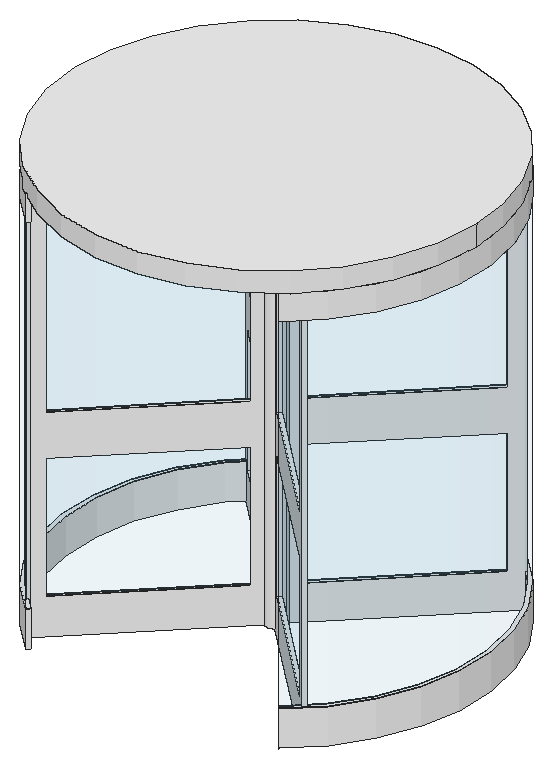
Revit family
Parameters
  Stile Shutting = 75 mm
  Stile Hanging = 50 mm
  Stile Top of Lock rail = 1000 mm
  Stile Top Rail = 125 mm
  Stile Lock Rail = 200 mm
  Stile Bottom Rail = 175 mm
  Roof Thickness = 100 mm
  Radius [instance] = 0.5 * Diameter  # 1000 mm
  Pole Radius = 50 mm
  Material Glass = Glass
  Material Door = Metal - Aluminium
  Keynote = "H11"
  Inside Radius (info) [instance] = Radius - 20 mm  # 980 mm
  Function = (empty or 0)
  Diameter [instance] = 2000 mm
  Assembly Code = ""
Reference planes
  plane 1 "Center (Front/Back": y = 0
  plane 2: z = 0
  plane 3 "Center (Left/Right)": x = 6.606
  plane 4 "Left": x = -993.394
  plane 5 "Right": x = 1006.606
  plane 6 "Top": z = 2133.6
  plane 7: z = 1066.8
  plane 8: z = 1066.8
  plane 9: z = 2033.6
  plane 10: through (3.303, -3.303, 0) normal (-0.7071, 0.7071, 0)
  plane 11: through (3.303, 3.303, 0) normal (-0.7071, -0.7071, 0)
  plane 12: through (-654.651, 618.607, 0) normal (-0.7071, 0.7071, 0)
  plane 13: through (-85.43, 49.386, 0) normal (0.7071, -0.7071, 0)
  plane 14: through (55.992, -92.035, 0) normal (-0.7071, 0.7071, 0)
  plane 15: z = 1908.6
  plane 16: z = 1000
  plane 17: z = 800
  plane 18: z = 175
  plane 19: through (625.212, -661.256, 0) normal (0.7071, -0.7071, 0)
  plane 20: through (-707.684, 671.64, 0) normal (0.7071, -0.7071, 0)
  plane 21: through (-50.074, 14.031, 0) normal (0.7071, -0.7071, 0)
  plane 22: through (20.636, -56.68, 0) normal (0.7071, -0.7071, 0)
  plane 23: through (678.246, -714.289, 0) normal (0.7071, -0.7071, 0)
  plane 24: through (-2.593, -61.512, 0) normal (-0.7071, -0.7071, 0)
  plane 25: through (-37.948, -96.867, 0) normal (-0.7071, -0.7071, 0)
  plane 26: through (-660.202, -719.121, 0) normal (-0.7071, -0.7071, 0)
  plane 27: through (-607.169, -666.088, 0) normal (-0.7071, -0.7071, 0)
  plane 28: through (68.118, 9.199, 0) normal (-0.7071, -0.7071, 0)
  plane 29: through (103.473, 44.554, 0) normal (-0.7071, -0.7071, 0)
  plane 30: through (672.694, 613.775, 0) normal (-0.7071, -0.7071, 0)
  plane 31: through (725.727, 666.808, 0) normal (-0.7071, -0.7071, 0)
Forms (mm)
  Extrusion 1, solid, material "Metal - Aluminium" <- "Material Door"
    sketch origin (0, 0, 0) x (1, 0, 0) y (0, 1, 0)
      loop
        circle (6.606, 0) r 1000
    from 2033.6 to 2133.6
  Extrusion 2, solid, material "Metal - Aluminium" <- "Material Door"
    sketch origin (0, 0, 0) x (1, 0, 0) y (0, 1, 0)
      loop
        circle (6.606, 0) r 50
    from 0 to 2033.6
  Extrusion 3, solid, material "Metal - Aluminium" <- "Material Door"
    sketch origin (3.303, 3.303, 0) x (0.707107, -0.707107, 0) y (0, 0, 1)
      loop
        line (-975.329, 0) -> (-45.329, 0) -> (-45.329, 2033.6) -> (-975.329, 2033.6) -> (-975.329, 0)
      loop
        line (-900.329, 175) -> (-95.329, 175) -> (-95.329, 800) -> (-900.329, 800) -> (-900.329, 175)
      loop
        line (-95.329, 1000) -> (-95.329, 1908.6) -> (-900.329, 1908.6) -> (-900.329, 1000) -> (-95.329, 1000)
      loop
        line (54.671, 0) -> (984.671, 0) -> (984.671, 2033.6) -> (54.671, 2033.6) -> (54.671, 0)
      loop
        line (104.671, 1908.6) -> (104.671, 1000) -> (909.671, 1000) -> (909.671, 1908.6) -> (104.671, 1908.6)
      loop
        line (909.671, 800) -> (104.671, 800) -> (104.671, 175) -> (909.671, 175) -> (909.671, 800)
    from -10 to 10
  Extrusion 4, solid, material "Glass" <- "Material Glass"
    sketch origin (3.303, 3.303, 0) x (0.707107, -0.707107, 0) y (0, 0, 1)
      loop
        line (-900.329, 175) -> (-95.329, 175) -> (-95.329, 800) -> (-900.329, 800) -> (-900.329, 175)
      loop
        line (-900.329, 1000) -> (-95.329, 1000) -> (-95.329, 1908.6) -> (-900.329, 1908.6) -> (-900.329, 1000)
      loop
        line (104.671, 1908.6) -> (104.671, 1000) -> (909.671, 1000) -> (909.671, 1908.6) -> (104.671, 1908.6)
      loop
        line (909.671, 800) -> (104.671, 800) -> (104.671, 175) -> (909.671, 175) -> (909.671, 800)
    from -10 to 10
  Extrusion 5, solid, material "Metal - Aluminium" <- "Material Door"
    sketch origin (0, 0, 0) x (1, 0, 0) y (0, 1, 0)
      loop
        arc (639.457, -774.273) -> (1006.606, 0) -> (639.457, 774.273) r 1000
        line (639.457, 774.273) -> (626.8, 758.788)
        arc (626.8, 758.788) -> (986.606, 0) -> (626.8, -758.788) r 980
        line (626.8, -758.788) -> (639.457, -774.273)
    from 0 to 175
  Extrusion 6, solid, material "Glass" <- "Material Glass"
    sketch origin (0, 0, 0) x (1, 0, 0) y (0, 1, 0)
      loop
        arc (639.457, -774.273) -> (1006.606, 0) -> (639.457, 774.273) r 1000
        line (639.457, 774.273) -> (626.8, 758.788)
        arc (626.8, 758.788) -> (986.606, 0) -> (626.8, -758.788) r 980
        line (626.8, -758.788) -> (639.457, -774.273)
    from 175 to 1908.6
  Extrusion 7, solid, material "Metal - Aluminium" <- "Material Door"
    sketch origin (0, 0, 0) x (1, 0, 0) y (0, 1, 0)
      loop
        arc (639.457, -774.273) -> (1006.606, 0) -> (639.457, 774.273) r 1000
        line (639.457, 774.273) -> (626.8, 758.788)
        arc (626.8, 758.788) -> (986.606, 0) -> (626.8, -758.788) r 980
        line (626.8, -758.788) -> (639.457, -774.273)
    from 1908.6 to 2033.6
  Extrusion 8, solid, material "Metal - Aluminium"
    sketch origin (13.211, 0, 0) x (-1, 0, 0) y (0, -1, 0)
      loop
        line (639.457, 774.273) -> (626.8, 758.788)
        arc (626.8, 758.788) -> (986.606, 0) -> (626.8, -758.788) r 980
        line (626.8, -758.788) -> (639.457, -774.273)
        arc (639.457, -774.273) -> (1006.606, 0) -> (639.457, 774.273) r 1000
    from 0 to 175
  Extrusion 9, solid, material "Glass" <- "Material Glass"
    sketch origin (13.211, 0, 0) x (-1, 0, 0) y (0, -1, 0)
      loop
        line (639.457, 774.273) -> (626.8, 758.788)
        arc (626.8, 758.788) -> (986.606, 0) -> (626.8, -758.788) r 980
        line (626.8, -758.788) -> (639.457, -774.273)
        arc (639.457, -774.273) -> (1006.606, 0) -> (639.457, 774.273) r 1000
    from 175 to 1908.6
  Extrusion 10, solid, material "Metal - Aluminium" <- "Material Door"
    sketch origin (13.211, 0, 0) x (-1, 0, 0) y (0, -1, 0)
      loop
        line (639.457, 774.273) -> (626.8, 758.788)
        arc (626.8, 758.788) -> (986.606, 0) -> (626.8, -758.788) r 980
        line (626.8, -758.788) -> (639.457, -774.273)
        arc (639.457, -774.273) -> (1006.606, 0) -> (639.457, 774.273) r 1000
    from 1908.6 to 2033.6
  Extrusion 11, solid, material "Metal - Aluminium"
    sketch origin (9.908, 3.303, 0) x (-0.707107, -0.707107, 0) y (0, 0, -1)
      loop
        line (-975.329, 0) -> (-975.329, -2033.6) -> (-45.329, -2033.6) -> (-45.329, 0) -> (-975.329, 0)
      loop
        line (-900.329, -175) -> (-900.329, -800) -> (-95.329, -800) -> (-95.329, -175) -> (-900.329, -175)
      loop
        line (-95.329, -1000) -> (-900.329, -1000) -> (-900.329, -1908.6) -> (-95.329, -1908.6) -> (-95.329, -1000)
      loop
        line (54.671, 0) -> (54.671, -2033.6) -> (984.671, -2033.6) -> (984.671, 0) -> (54.671, 0)
      loop
        line (104.671, -1908.6) -> (909.671, -1908.6) -> (909.671, -1000) -> (104.671, -1000) -> (104.671, -1908.6)
      loop
        line (909.671, -800) -> (909.671, -175) -> (104.671, -175) -> (104.671, -800) -> (909.671, -800)
    from -10 to 10
  Extrusion 12, solid, material "Glass" <- "Material Glass"
    sketch origin (3.303, -3.303, 0) x (-0.707107, -0.707107, 0) y (0, 0, 1)
      loop
        line (900.329, 175) -> (900.329, 800) -> (95.329, 800) -> (95.329, 175) -> (900.329, 175)
      loop
        line (-104.671, 175) -> (-104.671, 800) -> (-909.671, 800) -> (-909.671, 175) -> (-104.671, 175)
      loop
        line (-909.671, 1000) -> (-104.671, 1000) -> (-104.671, 1908.6) -> (-909.671, 1908.6) -> (-909.671, 1000)
      loop
        line (900.329, 1000) -> (900.329, 1908.6) -> (95.329, 1908.6) -> (95.329, 1000) -> (900.329, 1000)
    from -10 to 10
Cuts and joins
  joined: Extrusion 1, Extrusion 7, Extrusion 10
Lines and regions (mm)
  symbolic lines, style "InvisibleLines"
    curve 1: circle (6.606, 0, 0) r 1000 normal (0, 0, 1)
    curve 2: line (6.606, 0, 0) -> (-700.501, 707.107, 0)
    curve 3: line (6.606, 0, 0) -> (713.712, 707.107, 0)
    curve 4: line (6.606, 0, 0) -> (639.457, -774.273, 0)
    curve 5: line (6.606, 0, 0) -> (-626.246, 774.273, 0)
    curve 6: line (6.606, 0, 0) -> (639.457, 774.273, 0)
    curve 7: line (6.606, 0, 0) -> (-626.246, -774.273, 0)
Text (mm)
  text "Exterior" at (-790.651, 1092.624, 0), in view "Base Line"
Dimensions and locks
  equal spacing: plane 4 "Left", plane 3 "Center (Left/Right)", plane 5 "Right"
  equal spacing: plane 2, plane 7, plane 6 "Top"
  "Roof Thickness": plane 9 to plane 6 "Top"
  "Stile Bottom Rail": plane 18 to level
  "Stile Lock Rail": plane 17 to plane 16
  "Stile Top Rail": plane 15 to plane 9
  "Stile Top of Lock rail": plane 16 to level
  "Stile Shutting": plane 20 to plane 12
  "Pole Radius": plane 21 to plane 10
  "Stile Hanging": plane 13 to plane 21
  "Inside Radius (info)": plane 20 to plane 10
  plane 4 "Left" to plane 5 "Right" = 2000 mm
  equal spacing: Extrusion 3, plane 11, Extrusion 3
  locked: Extrusion 3 to Extrusion 3 at 20
  "Inside Radius (info)": plane 10 to plane 23
  "Pole Radius": plane 10 to plane 22
  "Stile Hanging": plane 22 to plane 14
  "Stile Shutting": plane 19 to plane 23
  locked: Extrusion 7 sketch curve to Extrusion 5 at 0.001
  Extrusion 11 to Extrusion 11 = 20 mm
  locked: Extrusion 11 to Extrusion 11 at 20
  "Pole Radius": plane 24 to plane 11
  "Stile Hanging": plane 25 to plane 24
  "Stile Shutting": plane 26 to plane 27
  "Inside Radius (info)": plane 26 to plane 11
  "Inside Radius (info)": plane 11 to plane 31
  "Pole Radius": plane 11 to plane 28
  "Stile Hanging": plane 28 to plane 29
  "Stile Shutting": plane 30 to plane 31
  "Radius": radius of curve 1
  "Radius": radius of Extrusion 1 sketch curve
  "Pole Radius": radius of Extrusion 2 sketch curve
  "Inside Radius (info)": radius of Extrusion 6 sketch curve
  "Radius": radius of Extrusion 6 sketch curve
  "Inside Radius (info)": radius of Extrusion 5 sketch curve
  "Inside Radius (info)": radius of Extrusion 7 sketch curve
  "Radius": radius of Extrusion 7 sketch curve
  "Inside Radius (info)": radius of Extrusion 8 sketch curve
  "Radius": radius of Extrusion 8 sketch curve
  "Inside Radius (info)": radius of Extrusion 9 sketch curve
  "Radius": radius of Extrusion 9 sketch curve
  "Inside Radius (info)": radius of Extrusion 10 sketch curve
  "Radius": radius of Extrusion 10 sketch curve
  locked: curve 2 to plane 1 "Center (Front/Back" (angle 45.00°)
  locked: plane 1 "Center (Front/Back" to curve 3 (angle 45.00°)
  locked: curve 4 to plane 11 (angle 5.73917°)
  locked: plane 22 to curve 6 (angle 5.73917°)
  locked: plane 10 to curve 7 (angle 5.73917°)
  locked: curve 5 to plane 11 (angle 5.73917°)
  aligned and locked: Extrusion 1 to plane 6 "Top"
  aligned and locked: plane 9 to Extrusion 1
  aligned and locked: Extrusion 2 to plane 9
  aligned and locked: Extrusion 1 to Extrusion 3 sketch curve
  aligned and locked: plane 21 to Extrusion 3 sketch curve
  aligned and locked: plane 20 to Extrusion 3 sketch curve
  aligned and locked: Extrusion 3 sketch curve to plane 22
  aligned and locked: Extrusion 5 sketch curve to curve 1
  aligned and locked: Extrusion 5 to plane 18
  aligned and locked: plane 18 to Extrusion 6
  aligned and locked: Extrusion 6 to plane 15
  aligned and locked: Extrusion 6 sketch curve to curve 4
  aligned and locked: Extrusion 6 sketch curve to curve 6
  aligned and locked: Extrusion 5 sketch curve to curve 6
  aligned and locked: Extrusion 5 sketch curve to curve 4
  aligned and locked: Extrusion 7 to plane 9
  aligned and locked: plane 15 to Extrusion 7
  aligned and locked: Extrusion 7 sketch curve to curve 6
  aligned and locked: Extrusion 8 sketch curve to curve 5
  aligned and locked: Extrusion 8 sketch curve to curve 7
  aligned and locked: plane 18 to Extrusion 9
  aligned and locked: Extrusion 9 to plane 15
  aligned and locked: Extrusion 9 sketch curve to curve 5
  aligned and locked: Extrusion 9 sketch curve to curve 7
  aligned and locked: Extrusion 10 to plane 9
  aligned and locked: plane 15 to Extrusion 10
  aligned and locked: Extrusion 10 sketch curve to curve 5
  aligned and locked: Extrusion 10 sketch curve to curve 7
  aligned and locked: Extrusion 11 sketch curve to plane 26
  aligned and locked: Extrusion 11 sketch curve to plane 24
  aligned and locked: Extrusion 11 sketch curve to plane 25
  aligned and locked: plane 25 to Extrusion 11 sketch curve
  aligned and locked: Extrusion 11 sketch curve to plane 27  (x2)
  aligned and locked: Extrusion 11 sketch curve to plane 15  (x2)
  aligned and locked: plane 16 to Extrusion 11 sketch curve  (x2)
  aligned and locked: Extrusion 11 sketch curve to plane 17  (x2)
  aligned and locked: Extrusion 11 sketch curve to plane 18  (x2)
  aligned and locked: Extrusion 11 sketch curve to plane 28
  aligned and locked: Extrusion 11 sketch curve to plane 29  (x2)
  aligned and locked: Extrusion 11 sketch curve to plane 30
  aligned and locked: plane 30 to Extrusion 11 sketch curve
  aligned and locked: Extrusion 11 sketch curve to plane 31
  aligned and locked: Extrusion 12 sketch curve to Extrusion 12 sketch curve  (x4)
  aligned and locked: Extrusion 12 sketch curve to Extrusion 11  (x4)
  aligned and locked: Extrusion 12 sketch curve to plane 17
  aligned and locked: Extrusion 12 sketch curve to plane 18  (x2)
  aligned and locked: Extrusion 12 sketch curve to plane 16
  aligned and locked: plane 15 to Extrusion 12 sketch curve
  aligned and locked: plane 16 to Extrusion 12 sketch curve
  aligned and locked: Extrusion 3 to Extrusion 5
  aligned and locked: Extrusion 8 to plane 18
Automatic sketch dimensions
  Extrusion 1 sketch curve to plane 1 "Center (Front/Back" = 0 mm
  Extrusion 1 sketch curve to plane 3 "Center (Left/Right)" = 0 mm
  Extrusion 2 sketch curve to plane 1 "Center (Front/Back" = 0 mm
  Extrusion 2 sketch curve to plane 3 "Center (Left/Right)" = 0 mm
  Extrusion 3 sketch curve to plane 12 = 0 mm  (x2)
  Extrusion 3 sketch curve to plane 13 = 0 mm  (x2)
  Extrusion 3 sketch curve to level = 0 mm  (x2)
  Extrusion 3 sketch curve to plane 14 = 0 mm  (x2)
  Extrusion 3 sketch curve to plane 18 = 0 mm  (x2)
  Extrusion 3 sketch curve to plane 19 = 0 mm  (x2)
  Extrusion 3 sketch curve to plane 15 = 0 mm  (x2)
  Extrusion 3 sketch curve to plane 23 = 0 mm
  Extrusion 3 sketch curve to plane 17 = 0 mm  (x2)
  Extrusion 3 sketch curve to plane 16 = 0 mm  (x2)
  Extrusion 3 sketch curve to plane 9 = 0 mm
  Extrusion 4 sketch curve to plane 12 = 0 mm  (x2)
  Extrusion 4 sketch curve to plane 13 = 0 mm  (x2)
  Extrusion 4 sketch curve to plane 14 = 0 mm  (x2)
  Extrusion 4 sketch curve to plane 17 = 0 mm  (x2)
  Extrusion 4 sketch curve to plane 19 = 0 mm  (x2)
  Extrusion 4 sketch curve to plane 15 = 0 mm  (x2)
  Extrusion 4 sketch curve to plane 18 = 0 mm  (x2)
  Extrusion 4 sketch curve to plane 16 = 0 mm  (x2)
  Extrusion 6 sketch curve to Extrusion 6 sketch curve = 0 mm  (x2)
  Extrusion 6 sketch curve to plane 1 "Center (Front/Back" = 0 mm
  Extrusion 6 sketch curve to plane 3 "Center (Left/Right)" = 0 mm
  Extrusion 5 sketch curve to Extrusion 5 sketch curve = 0 mm  (x2)
  Extrusion 7 sketch curve to Extrusion 7 sketch curve = 0 mm  (x2)
  Extrusion 7 sketch curve to plane 1 "Center (Front/Back" = 0 mm
  Extrusion 7 sketch curve to plane 3 "Center (Left/Right)" = 0 mm
  Extrusion 8 sketch curve to Extrusion 8 sketch curve = 0 mm  (x2)
  Extrusion 8 sketch curve to plane 1 "Center (Front/Back" = 0 mm
  Extrusion 8 sketch curve to plane 3 "Center (Left/Right)" = 0 mm
  curve 2 to plane 11 = 0 mm
  curve 1 to plane 1 "Center (Front/Back" = 0 mm
  curve 1 to plane 3 "Center (Left/Right)" = 0 mm
  curve 7 to plane 3 "Center (Left/Right)" = 0 mm
  Extrusion 9 sketch curve to Extrusion 9 sketch curve = 0 mm  (x2)
  Extrusion 9 sketch curve to plane 1 "Center (Front/Back" = 0 mm
  Extrusion 9 sketch curve to plane 3 "Center (Left/Right)" = 0 mm
  Extrusion 10 sketch curve to Extrusion 10 sketch curve = 0 mm  (x2)
  Extrusion 10 sketch curve to plane 1 "Center (Front/Back" = 0 mm
  Extrusion 10 sketch curve to plane 3 "Center (Left/Right)" = 0 mm
  Extrusion 11 sketch curve to plane 9 = 0 mm  (x2)
  Extrusion 11 sketch curve to level = 0 mm  (x2)
  Extrusion 12 sketch curve to plane 17 = 0 mm
  Extrusion 12 sketch curve to plane 15 = 0 mm
